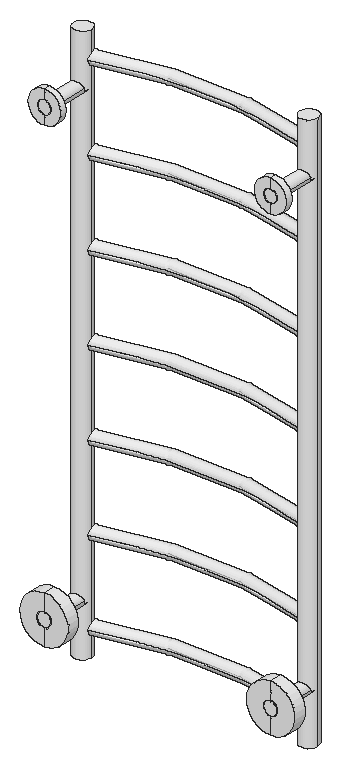
Revit family "LC-7", category Generic Models, host Wall, Revit 2017
Family settings
  Host = Wall
  Can host rebar = No
  Round Connector Dimension = Use Diameter
  Part Type = Normal
  Always vertical = Yes
  Cut with Voids When Loaded = No
  Shared = No
  Room Calculation Point = No
Parameters (values of type "350")
  URL = "http://www.sentakia.com/vesikiertoiset-pyyhekuivaimet/"
  Teho = "kromi: 104 W maalattu: 135 W"
  Sentakia_Material_Default = Stainless Steel, Polished_sentakia
  RAL-väri [instance] = no
  RAL-koodi [instance] = ""
  Model = "LS-7/350"
  Materiaali = "kromattu messinki (CuZn36As)"
  Manufacturer = "Sentakia Oy"
  Leveys = 350 mm
  LVI = "5489945"
  Keynote = "6120"
  Kenkäkoukkupari [instance] = no
  Height = 870 mm  # constant formula
  ELO-600 kromi [instance] = no
  EAN = "4770046007146"
  Depth = 88 mm  # constant formula
  Assembly Code = ""
  2-osainen koukku pitkä [instance] = no
  2-osainen koukku lyhyt [instance] = no
Types (3, lengths in mm): name | Teho | Model | Leveys | LVI | EAN
  350 | "kromi: 104 W maalattu: 135 W" | "LS-7/350" | 350 | "5489945" | "4770046007146"
  500 | "kromi: 120 W maalattu: 156 W" | "LS-7/500" | 500 | "5489946" | "4770046007153"
  600 | "kromi: 127 W maalattu: 165 W" | "LS-7/600" | 600 | "5489947" | "4770046007160"
Reference planes
  plane 1 "Wall": y = 0
  plane 2 "Center (Left/Right)": x = 125
  plane 3 "Back": y = 75
  plane 4: z = 1880
  plane 5: y = 163
  plane 6: y = 135
  plane 7 "Center of lower handler": z = 1090
  plane 8: z = 1800
  plane 9: z = 1101.385
  plane 10: z = 1081.385
  plane 11 "r": x = 300
  plane 12 "l": x = -50
  plane 13: y = 149
  plane 14: y = 159
  plane 15: y = 139
  plane 16 "Tikas1": z = 1840
  plane 17 "Tikas3": z = 1576.667
  plane 18 "Tikas4": z = 1445
  plane 19 "Tikas5": z = 1313.333
  plane 20 "Bottom": z = 1010
  plane 21 "Tikas2": z = 1708.333
  plane 22: y = 225
  plane 23 "Tikas6": z = 1181.667
  plane 24 "Tikas7": z = 1050
Forms (mm)
  Extrusion 1, solid, material "Stainless Steel, Polished_sentakia" <- "Sentakia_Material_Default", detail levels medium+fine
    sketch origin (0, 0, 0) x (1, 0, 0) y (0, 0, 1)
      loop
        circle (300, 1090) r 10
    from -149 to -75
  Extrusion 2, solid, material "Stainless Steel, Polished_sentakia" <- "Sentakia_Material_Default", detail levels medium+fine
    sketch origin (0, 0, 0) x (1, 0, 0) y (0, 0, 1)
      loop
        circle (-50, 1090) r 10
    from -149 to -75
  Extrusion 3, solid, material "Stainless Steel, Polished_sentakia" <- "Sentakia_Material_Default", detail levels medium+fine
    sketch origin (0, 0, 310) x (1, 0, 0) y (0, 0, 1)
      loop
        circle (-50, 1490) r 10
    from -149 to -75
  Extrusion 4, solid, material "Stainless Steel, Polished_sentakia" <- "Sentakia_Material_Default", detail levels medium+fine
    sketch origin (0, 0, 0) x (1, 0, 0) y (0, 1, 0)
      loop
        circle (-50, 149) r 14
    from 1010 to 1880
  Extrusion 5, solid, material "Stainless Steel, Polished_sentakia" <- "Sentakia_Material_Default", detail levels medium+fine
    sketch origin (0, 0, 0) x (1, 0, 0) y (0, 1, 0)
      loop
        circle (300, 149) r 14
    from 1010 to 1880
  Revolve 6, solid, material "Stainless Steel, Polished_sentakia" <- "Sentakia_Material_Default", detail levels medium+fine
    sketch origin (300, 0, 0) x (0, 0, 1) y (0, 1, 0)
      loop
        line (1101.385, 75.434) -> (1127.385, 75.434) -> (1127.385, 94.219) -> (1101.385, 109.219) -> (1101.385, 75.434)
      axis (1090, 75.434) -> (1090, 109.219)
    angle from 0 to 360
  Revolve 7, solid, material "Stainless Steel, Polished_sentakia" <- "Sentakia_Material_Default", detail levels medium+fine
    sketch origin (-50, 0, 0) x (0, 0, 1) y (0, 1, 0)
      loop
        line (1101.385, 75) -> (1127.385, 75) -> (1127.385, 94.219) -> (1101.385, 109.219) -> (1101.385, 75)
      axis (1090, 75) -> (1090, 109.219)
    angle from 0 to 360
  Revolve 8, solid, material "Stainless Steel, Polished_sentakia" <- "Sentakia_Material_Default", detail levels medium+fine
    sketch origin (300, 0, 0) x (0, 0, 1) y (0, 1, 0)
      loop
        line (1810, 75) -> (1825, 75) -> (1825, 85) -> (1810, 85) -> (1810, 75)
      axis (1800, 75) -> (1800, 85)
    angle from 0 to 360
  Revolve 9, solid, material "Stainless Steel, Polished_sentakia" <- "Sentakia_Material_Default", detail levels medium+fine
    sketch origin (-50, 0, 0) x (0, 0, 1) y (0, 1, 0)
      loop
        line (1810, 75) -> (1825, 75) -> (1825, 85) -> (1810, 85) -> (1810, 75)
      axis (1800, 75) -> (1800, 85)
    angle from 0 to 360
  Extrusion 10, solid, material "Stainless Steel, Polished_sentakia" <- "Sentakia_Material_Default", detail levels medium+fine
    sketch origin (0, 0, 0) x (1, 0, 0) y (0, 0, 1)
      loop
        circle (300, 1800) r 10
    from -149 to -75
  Extrusion 11, solid, material "Stainless Steel, Polished_sentakia" <- "Sentakia_Material_Default", detail levels coarse
    sketch origin (125, 0, 0) x (0, 1, 0) y (0, 0, 1)
      loop
        line (163, 1880) -> (75, 1880) -> (75, 1010) -> (163, 1010) -> (163, 1880)
    from -175 to 175
  Sweep 12, solid, material "Stainless Steel, Polished_sentakia" <- "Sentakia_Material_Default", detail levels medium+fine
    path origin (0, 0, 1708.333) x (1, 0, 0) y (0, 1, 0)
      loop
        arc (-50.255, 149) -> (125.785, 177.283) -> (301.825, 149) r 562.002
    profile origin (125.785, 177.283, 1708.333) x (0, 1, 0) y (0, 0, 1)
      loop
        circle (0, 0) r 10
  Sweep 13, solid, material "Stainless Steel, Polished_sentakia" <- "Sentakia_Material_Default", detail levels medium+fine
    path origin (0, 0, 1576.667) x (0, 1, 0) y (-1, 0, 0)
      loop
        arc (149, 50.255) -> (177.283, -125.785) -> (149, -301.825) r 562.002
    profile origin (125.785, 177.283, 1576.667) x (0, 1, 0) y (0, 0, 1)
      loop
        circle (0, 0) r 10
  Sweep 14, solid, material "Stainless Steel, Polished_sentakia" <- "Sentakia_Material_Default", detail levels medium+fine
    path origin (0, 0, 1445) x (-1, 0, 0) y (0, 1, 0)
      loop
        arc (50.255, 149) -> (-125.785, 177.283) -> (-301.825, 149) r 562.002
    profile origin (125.785, 177.283, 1445) x (0, 1, 0) y (0, 0, 1)
      loop
        circle (0, 0) r 10
  Sweep 15, solid, material "Stainless Steel, Polished_sentakia" <- "Sentakia_Material_Default", detail levels medium+fine
    path origin (0, 0, 1313.333) x (-1, 0, 0) y (0, 1, 0)
      loop
        arc (50.255, 149) -> (-125.785, 177.283) -> (-301.825, 149) r 562.002
    profile origin (125.785, 177.283, 1313.333) x (0, 1, 0) y (0, 0, 1)
      loop
        circle (0, 0) r 10
  Sweep 16, solid, material "Stainless Steel, Polished_sentakia" <- "Sentakia_Material_Default", detail levels medium+fine
    path origin (0, 0, 1840) x (0, 1, 0) y (-1, 0, 0)
      loop
        arc (149, 50.255) -> (177.283, -125.785) -> (149, -301.825) r 562.002
    profile origin (125.785, 177.283, 1840) x (0, 1, 0) y (0, 0, 1)
      loop
        circle (0, 0) r 10
  Sweep 17, solid, material "Stainless Steel, Polished_sentakia" <- "Sentakia_Material_Default", detail levels medium+fine
    path origin (0, 0, 1181.667) x (1, 0, 0) y (0, 1, 0)
      loop
        arc (-50.255, 149) -> (125.785, 177.283) -> (301.825, 149) r 562.002
    profile origin (125.785, 177.283, 1181.667) x (0, 1, 0) y (0, 0, 1)
      loop
        circle (0, 0) r 10
  Sweep 18, solid, material "Stainless Steel, Polished_sentakia" <- "Sentakia_Material_Default", detail levels medium+fine
    path origin (0, 0, 1050) x (1, 0, 0) y (0, 1, 0)
      loop
        arc (-50.255, 149) -> (125.785, 177.283) -> (301.825, 149) r 562.002
    profile origin (125.785, 177.283, 1050) x (0, 1, 0) y (0, 0, 1)
      loop
        circle (0, 0) r 10
Cuts and joins
  joined: Extrusion 4, Extrusion 5, Sweep 12, Sweep 13, Sweep 14, Sweep 15, Sweep 16, Sweep 17, Sweep 18
Text (mm)
  text "Placement Side" at (-1848.837, 1116.779, 0), in view "Ref. Level"
  text "Placement side" at (0, 1409.804, 2854.306), in view "Left"
  text "Placement side" at (0, 499.811, 2980.732), in view "Right"
Dimensions and locks
  locked: plane 3 "Back" to host wall
  "Depth": plane 5 to host wall
  locked: plane 5 to plane 6 at 28
  "Leveys": plane 12 "l" to plane 11 "r"
  plane 8 to level = 1800 mm
  locked: host wall to plane 13 at 74
  locked: plane 14 to plane 15 at 20
  plane 20 "Bottom" to plane 7 "Center of lower handler" = 80 mm  (x2)
  plane 4 to plane 8 = 80 mm
  equal spacing: plane 12 "l", plane 2 "Center (Left/Right)", plane 11 "r"
  "Height": plane 20 "Bottom" to plane 4
  plane 7 "Center of lower handler" to plane 8 = 710 mm
  plane 8 to plane 4 = 80 mm
  plane 16 "Tikas1" to plane 4 = 40 mm
  plane 8 to plane 7 "Center of lower handler" = 710 mm
  plane 20 "Bottom" to plane 24 "Tikas7" = 40 mm
  equal spacing: plane 24 "Tikas7", plane 23 "Tikas6", plane 19 "Tikas5", plane 18 "Tikas4", plane 17 "Tikas3", plane 21 "Tikas2", plane 16 "Tikas1"
  aligned and locked: plane 1 "Wall" to host wall
  aligned and locked: Extrusion 1 to host wall
  aligned and locked: Extrusion 2 to host wall
  aligned and locked: Extrusion 3 to host wall
  aligned and locked: Extrusion 2 to plane 13
  aligned and locked: Extrusion 1 to Extrusion 2
  aligned and locked: plane 4 to Extrusion 4
  aligned and locked: plane 4 to Extrusion 5
  aligned and locked: Revolve 8 sketch curve to plane 8
  aligned and locked: Revolve 9 sketch curve to plane 8
  aligned and locked: Extrusion 10 to host wall
  aligned and locked: plane 12 "l" to Extrusion 3 sketch curve
  aligned and locked: plane 7 "Center of lower handler" to Revolve 7 sketch curve
  aligned and locked: Revolve 6 sketch curve to plane 7 "Center of lower handler"
  aligned and locked: plane 11 "r" to Extrusion 10 sketch curve
  aligned and locked: plane 8 to Extrusion 10 sketch curve
  aligned and locked: Extrusion 3 to Extrusion 10
  aligned and locked: Extrusion 10 to plane 13
  aligned and locked: plane 3 "Back" to Revolve 7
  aligned and locked: cut or joined group of Extrusion 4, Extrusion 5, Sweep 12, Sweep 13, Sweep 14, Sweep 15, Sweep 16, Sweep 17, Sweep 18 to plane 20 "Bottom"  (x2)
  aligned and locked: plane 4 to Extrusion 11
  aligned and locked: Extrusion 11 to cut or joined group of Extrusion 4, Extrusion 5, Sweep 12, Sweep 13, Sweep 14, Sweep 15, Sweep 16, Sweep 17, Sweep 18
  aligned and locked: Extrusion 11 to plane 11 "r"
  aligned and locked: plane 12 "l" to Extrusion 11
  aligned and locked: Extrusion 11 to host wall
  aligned and locked: plane 13 to Sweep 12 sketch curve
Automatic sketch dimensions
  Extrusion 1 sketch curve to plane 7 "Center of lower handler" = 0 mm
  plane 11 "r" to Extrusion 1 sketch curve = 0 mm
  Extrusion 2 sketch curve to plane 7 "Center of lower handler" = 0 mm
  plane 12 "l" to Extrusion 2 sketch curve = 0 mm
  Extrusion 3 sketch curve to plane 8 = 0 mm
  Extrusion 4 sketch curve to plane 12 "l" = 0 mm
  plane 13 to Extrusion 4 sketch curve = 0 mm
  Extrusion 5 sketch curve to plane 11 "r" = 0 mm
  plane 13 to Extrusion 5 sketch curve = 0 mm
  Revolve 6 sketch curve to plane 9 = 0 mm
  plane 9 to Revolve 6 sketch curve = 26 mm
  host wall to Revolve 6 sketch curve = 0.434 mm
  Revolve 6 sketch curve to Revolve 6 sketch curve = 18.785 mm
  plane 6 to Revolve 6 sketch curve = 25.781 mm
  Revolve 6 sketch curve to host wall = 0.781 mm
  plane 6 to Revolve 6 sketch curve = 13.43 mm
  Revolve 7 sketch curve to plane 9 = 0 mm
  Revolve 7 sketch curve to host wall = 0 mm
  plane 9 to Revolve 7 sketch curve = 26 mm
  host wall to Revolve 7 sketch curve = 19.219 mm
  plane 6 to Revolve 7 sketch curve = 25.781 mm
  Revolve 7 sketch curve to host wall = 0.781 mm
  plane 6 to Revolve 7 sketch curve = 13.43 mm
  Revolve 8 sketch curve to host wall = 0 mm  (x2)
  plane 8 to Revolve 8 sketch curve = 10 mm
  Revolve 8 sketch curve to plane 16 "Tikas1" = 15 mm
  host wall to Revolve 8 sketch curve = 10 mm
  plane 6 to Revolve 8 sketch curve = 20 mm
  Revolve 9 sketch curve to host wall = 0 mm  (x2)
  Revolve 9 sketch curve to Revolve 9 sketch curve = 10 mm
  Revolve 9 sketch curve to plane 16 "Tikas1" = 15 mm
  host wall to Revolve 9 sketch curve = 10 mm
  plane 6 to Revolve 9 sketch curve = 20 mm
  Extrusion 11 sketch curve to host wall = 0 mm
  Extrusion 11 sketch curve to plane 5 = 0 mm
  Extrusion 11 sketch curve to plane 20 "Bottom" = 0 mm
  Extrusion 11 sketch curve to plane 4 = 0 mm
  plane 13 to Sweep 12 sketch curve = 0 mm
  plane 2 "Center (Left/Right)" to Sweep 12 sketch curve = 0.785 mm
  plane 1 "Wall" to Sweep 12 sketch curve = 384.72 mm
  plane 12 "l" to Sweep 12 sketch curve = 0.255 mm
  Sweep 12 sketch curve to plane 21 "Tikas2" = 0 mm
  Sweep 12 sketch curve to profile plane = 0 mm
  plane 13 to Sweep 13 sketch curve = 0 mm  (x2)
  plane 2 "Center (Left/Right)" to Sweep 13 sketch curve = 0.785 mm
  plane 1 "Wall" to Sweep 13 sketch curve = 384.72 mm
  Sweep 13 sketch curve to plane 11 "r" = 1.825 mm
  Sweep 13 sketch curve to plane 17 "Tikas3" = 0 mm
  Sweep 13 sketch curve to profile plane = 0 mm
  plane 13 to Sweep 14 sketch curve = 0 mm  (x2)
  Sweep 14 sketch curve to plane 2 "Center (Left/Right)" = 0.785 mm
  Sweep 14 sketch curve to plane 1 "Wall" = 384.72 mm
  plane 11 "r" to Sweep 14 sketch curve = 1.825 mm
  plane 18 "Tikas4" to Sweep 14 sketch curve = 0 mm
  Sweep 14 sketch curve to profile plane = 0 mm
  plane 13 to Sweep 15 sketch curve = 0 mm  (x2)
  Sweep 15 sketch curve to plane 2 "Center (Left/Right)" = 0.785 mm
  Sweep 15 sketch curve to plane 1 "Wall" = 384.72 mm
  plane 11 "r" to Sweep 15 sketch curve = 1.825 mm
  plane 19 "Tikas5" to Sweep 15 sketch curve = 0 mm
  Sweep 15 sketch curve to profile plane = 0 mm
  plane 13 to Sweep 16 sketch curve = 0 mm  (x2)
  plane 2 "Center (Left/Right)" to Sweep 16 sketch curve = 0.785 mm
  plane 1 "Wall" to Sweep 16 sketch curve = 384.72 mm
  Sweep 16 sketch curve to plane 11 "r" = 1.825 mm
  Sweep 16 sketch curve to plane 16 "Tikas1" = 0 mm
  Sweep 16 sketch curve to profile plane = 0 mm
  Sweep 17 sketch curve to profile plane = 0 mm  (x2)
  Sweep 18 sketch curve to profile plane = 0 mm  (x2)
  plane 13 to Sweep 17 sketch curve = 0 mm  (x2)
  plane 2 "Center (Left/Right)" to Sweep 17 sketch curve = 0.785 mm
  plane 1 "Wall" to Sweep 17 sketch curve = 384.72 mm
  plane 12 "l" to Sweep 17 sketch curve = 0.255 mm
  plane 13 to Sweep 18 sketch curve = 0 mm  (x2)
  plane 2 "Center (Left/Right)" to Sweep 18 sketch curve = 0.785 mm
  plane 1 "Wall" to Sweep 18 sketch curve = 384.72 mm
  plane 12 "l" to Sweep 18 sketch curve = 0.255 mm
  radius of Extrusion 1 sketch curve = 10 mm
  radius of Extrusion 2 sketch curve = 10 mm
  radius of Extrusion 3 sketch curve = 10 mm
  radius of Extrusion 4 sketch curve = 14 mm
  radius of Extrusion 5 sketch curve = 14 mm
  radius of Extrusion 10 sketch curve = 10 mm
  radius of Sweep 12 sketch curve = 10 mm
  radius of Sweep 13 sketch curve = 10 mm
  radius of Sweep 14 sketch curve = 10 mm
  radius of Sweep 15 sketch curve = 10 mm
  radius of Sweep 16 sketch curve = 10 mm
  radius of Sweep 17 sketch curve = 10 mm
  radius of Sweep 18 sketch curve = 10 mm
Connectors
  piping at (300, 75, 1090), diameter 12
    settings: on Extrusion 1, index 1, connector inside diameter 609.6 mm, connector length 0 mm, flow factor 0, pipe flow 0.0 L/s, pressure drop 0.0 Pa, fitting loss kfactor 0, connector angle 0.00°, fixture units 0, engagement length 0 mm, angle of deflection 0.00°, flow configuration 0, flow direction 0, fitting loss method 0, system type 22, joint type 0, gender type 0, connector reference index -1, connector utility 0, adjustable connector no, is connector primary yes, connector description ""
  piping at (300, 75, 1090), diameter 12
    settings: on Extrusion 1, index 2, connector inside diameter 609.6 mm, connector length 0 mm, flow factor 0, pipe flow 0.0 L/s, pressure drop 0.0 Pa, fitting loss kfactor 0, connector angle 0.00°, fixture units 0, engagement length 0 mm, angle of deflection 0.00°, flow configuration 0, flow direction 0, fitting loss method 0, system type 22, joint type 0, gender type 0, connector reference index -1, connector utility 0, adjustable connector no, is connector primary no, connector description ""
  piping at (-50, 75, 1090), diameter 12
    settings: on Extrusion 2, index 3, connector inside diameter 609.6 mm, connector length 0 mm, flow factor 0, pipe flow 0.0 L/s, pressure drop 0.0 Pa, fitting loss kfactor 0, connector angle 0.00°, fixture units 0, engagement length 0 mm, angle of deflection 0.00°, flow configuration 0, flow direction 0, fitting loss method 0, system type 22, joint type 0, gender type 0, connector reference index -1, connector utility 0, adjustable connector no, is connector primary no, connector description ""
